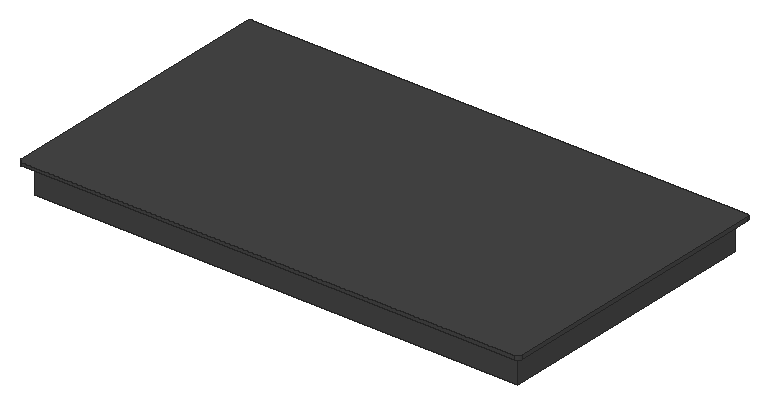
Revit family "Qf_Summit_SINC5B36B_36 inches 208-240V 5-Zone Induction Cooktop", category Specialty Equipment, Revit 2020
Family settings
  Round Connector Dimension = Use Diameter
  Part Type = Normal
  Work Plane-Based = No
  Always vertical = Yes
  Cut with Voids When Loaded = No
  Shared = No
  Room Calculation Point = No
Parameters
  Weight in Pounds = 40
  Watts = FL Amps * Volts  # 12000 W
  Volts = 240 V
  URL Cutsheet = ""
  Specification by User = ""
  Specification by Manufacturer = ""
  Show Clearance [instance] = yes
  Serial Number = ""
  Seismic Rating = ""
  SMACNA No = ""
  Revision Code = ""
  Phase = 1
  Number of Poles = 1
  NAFEM Spec ID Number = ""
  Model = "SINC5B36B"
  Min Ckt Ampacity = 0 A
  Max Overcurrent Protection = 0 A
  Masterspec = ""
  Manufacturer = "Summit"
  Length = 35 1/2"
  Item Number = ""
  Installed By = ""
  Identify Quantity as Lot = yes
  Height = 2"
  HP = ""
  Furnished By = ""
  Foodservice Equipment Identifier = yes
  FL Amps = 50 A
  Electrical Remarks = ""
  Electric Connection Type = ""
  Elec Conn RI Height = 0"
  Elec Conn Connection Height = 0"
  Description = "36\" Wide 208-240V 5-Zone Induction Cooktop"
  Depth = 20 1/2"
  Default Elevation = 0"
  Cycle = 60 Hz
  Conn Plug = ""
  Conn Conduit = yes
  CSI MasterFormat = ""
  Apparent Power = 828 VA
Reference planes (in)
  plane 1: z = 0
  plane 2 "LEFT": x = 0
  plane 3 "RIGHT": x = 35.5
  plane 4 "FRONT": y = -21.25
  plane 5 "TOP": z = 2
  plane 6 "Center Y": x = 17.75
  plane 7 "Center X": y = -11
  plane 8 "BACK": y = -0.75
  plane 9: z = 2.25
  plane 10: y = -1.3125
  plane 11: y = -20.5625
  plane 12: x = 34.875
  plane 13: x = 0.625
Forms (in)
  Extrusion 1, solid, material "QF_Metallic_Paint_Black_Glossy"
    sketch origin (0, 0, 0) x (1, 0, 0) y (0, 1, 0)
      loop
        line (0, -1) -> (0, -20.9375)
        arc (0, -20.9375) -> (0.06782, -21.13949) -> (0.25, -21.25) r 0.31002
        line (0.25, -21.25) -> (35.25, -21.25)
        arc (35.25, -21.25) -> (35.43218, -21.13949) -> (35.5, -20.9375) r 0.31002
        line (35.5, -20.9375) -> (35.5, -1)
        arc (35.5, -1) -> (35.42678, -0.82322) -> (35.25, -0.75) r 0.25
        line (35.25, -0.75) -> (0.25, -0.75)
        arc (0.25, -0.75) -> (0.07322, -0.82322) -> (0, -1) r 0.25
    from 2 to 2.25
  Extrusion 2, solid, material "QF_Metallic_Paint_Black_Glossy"
    sketch origin (0, 0, 0) x (1, 0, 0) y (0, 1, 0)
      loop
        line (0.625, -20.5625) -> (34.875, -20.5625) -> (34.875, -1.3125) -> (0.625, -1.3125) -> (0.625, -20.5625)
    from 0 to 2
  Extrusion 3, solid, material "QF_Metallic_Paint_Black_Glossy"
    sketch origin (7.875, -19.5, 18.75) x (1, 0, 0) y (0, 0, 1)
      loop
        circle (16, -17.80912) r 0.25
    from -18.75 to -18.1875
Cuts and joins
  joined: Extrusion 2, Extrusion 3
Lines and regions (in)
  Split face 1
    outline origin (0, 0, 2.25) x (1, 0, 0) y (0, 1, 0)
      loop
        circle (6, -13.75) r 4.125
  Split face 2
    outline origin (11.24609, 7.46819, 2.25) x (1, 0, 0) y (0, 1, 0)
      loop
        circle (18.25, -13.75) r 4.125
  Split face 3
    outline origin (11.24609, -1.375, 2.25) x (1, 0, 0) y (0, 1, 0)
      loop
        circle (18.25, -13.375) r 3.125
  Split face 4
    outline origin (0, 8.125, 2.25) x (1, 0, 0) y (0, 1, 0)
      loop
        circle (6, -13.375) r 3.125
  Split face 5
    outline origin (0, 0, 2.25) x (1, 0, 0) y (0, 1, 0)
      loop
        circle (6, -5.25) r 3.07495
  Split face 6
    outline origin (11.24609, -9.5, 2.25) x (1, 0, 0) y (0, 1, 0)
      loop
        circle (18.25, -5.25) r 2.88432
  Split face 7
    outline origin (-0.25391, 0, 2.25) x (1, 0, 0) y (0, 1, 0)
      loop
        circle (29.75, -6.25) r 4.06439
  Split face 8
    outline origin (-11.5, -7.46819, 2.25) x (1, 0, 0) y (0, 1, 0)
      loop
        circle (17.5, -6.25) r 3.8775
  Split face 9
    outline origin (11.24609, -9.5, 2.25) x (1, 0, 0) y (0, 1, 0)
      loop
        circle (18.25, -5.25) r 3.07495
  Split face 10
    outline origin (0, 0, 2.25) x (1, 0, 0) y (0, 1, 0)
      loop
        circle (6, -5.25) r 2.9375
  Split face 11
    outline origin (11.24609, -9.5, 2.25) x (1, 0, 0) y (0, 1, 0)
      loop
        circle (18.25, -5.25) r 2.9375
  Split face 12
    outline origin (0, 0, 2.25) x (1, 0, 0) y (0, 1, 0)
      loop
        circle (6, -5.25) r 2.88432
  Split face 13
    outline origin (-11.5, -7.5, 2.25) x (1, 0, 0) y (0, 1, 0)
      loop
        circle (17.5, -6.25) r 4.07036
  Split face 14
    outline origin (-0.25391, 0, 2.25) x (1, 0, 0) y (0, 1, 0)
      loop
        circle (29.75, -6.25) r 3.80074
  Split face 15
    outline origin (-11.5, -7.5, 2.25) x (1, 0, 0) y (0, 1, 0)
      loop
        circle (17.5, -6.25) r 3.81335
  Split face 16
    outline origin (-0.25391, 0.03181, 2.25) x (1, 0, 0) y (0, 1, 0)
      loop
        circle (29.75, -6.25) r 3.8775
  Split face 17
    outline origin (7.74785, 0.99908, 2.25) x (1, 0, 0) y (0, 1, 0)
      loop
        circle (7.5, -19.75) r 0.375
  Split face 18
    outline origin (-0.76268, 1.03137, 2.25) x (1, 0, 0) y (0, 1, 0)
      loop
        circle (19.75, -19.75) r 0.375
  Split face 19
    outline origin (1.25, 0, 2.25) x (1, 0, 0) y (0, 1, 0)
      loop
        circle (19.75, -19.75) r 0.375
  Split face 20
    outline origin (2.25, 0, 2.25) x (1, 0, 0) y (0, 1, 0)
      loop
        circle (19.75, -19.75) r 0.375
  Split face 21
    outline origin (3.15298, 0, 2.25) x (1, 0, 0) y (0, 1, 0)
      loop
        circle (18.84702, -19.75) r 0.21256
  Split face 22
    outline origin (2.15298, 0, 2.25) x (1, 0, 0) y (0, 1, 0)
      loop
        circle (18.84702, -19.75) r 0.34194
  Split face 23
    outline origin (20.55934, 1.24508, 2.25) x (0, 1, 0) y (-1, 0, 0)
      loop
        circle (-19.85939, 5.45621) r 0.14044
  Split face 24
    outline origin (9.53892, 0.72109, 2.25) x (0, 1, 0) y (-1, 0, 0)
      loop
        line (-20.35718, -6.71108) -> (-20.47109, -6.71108) -> (-20.47109, -9.71108) -> (-20.11953, -9.71108) -> (-20.35718, -6.71108)
  Split face 25
    outline origin (19.91992, 1.24508, 2.25) x (0, 1, 0) y (-1, 0, 0)
      loop
        circle (-19.85987, 4.81773) r 0.13153
  Split face 26
    outline origin (20.17523, 1.52415, 2.25) x (0, 1, 0) y (-1, 0, 0)
      loop
        circle (-20.27405, 4.92738) r 0.36076
  Split face 27
    outline origin (1.42583, 1.27737, 2.25) x (1, 0, 0) y (0, 1, 0)
      loop
        circle (17.70621, -19.85939) r 0.14044
  Split face 28
    outline origin (2.06526, 1.27737, 2.25) x (1, 0, 0) y (0, 1, 0)
      loop
        circle (17.06773, -19.85987) r 0.13153
  Split face 29
    outline origin (1.80994, 1.55644, 2.25) x (1, 0, 0) y (0, 1, 0)
      loop
        circle (17.17738, -20.27405) r 0.36076
  Split face 30
    outline origin (2.10819, 0.8548, 2.25) x (1, 0, 0) y (0, 1, 0)
      loop
        circle (18.89074, -20.60504) r 0.33037
  Split face 31
    outline origin (1.38715, 1.25448, 2.25) x (1, 0, 0) y (0, 1, 0)
      loop
        circle (19.61178, -21.00472) r 0.36442
  Split face 32
    outline origin (3.10819, 0.8548, 2.25) x (1, 0, 0) y (0, 1, 0)
      loop
        circle (18.89074, -20.60504) r 0.23196
  Split face 33
    outline origin (2.38715, 1.25448, 2.25) x (1, 0, 0) y (0, 1, 0)
      loop
        circle (19.61178, -21.00472) r 0.36024
  Split face 34
    outline origin (7, 0, 2.25) x (1, 0, 0) y (0, 1, 0)
      loop
        circle (7.5, -19.75) r 0.375
  Split face 35
    outline origin (7.90298, 0, 2.25) x (1, 0, 0) y (0, 1, 0)
      loop
        circle (6.59702, -19.75) r 0.34194
  Split face 36
    outline origin (7.85819, 0.8548, 2.25) x (1, 0, 0) y (0, 1, 0)
      loop
        circle (6.64074, -20.60504) r 0.33037
  Split face 37
    outline origin (7.13715, 1.25448, 2.25) x (1, 0, 0) y (0, 1, 0)
      loop
        circle (7.36178, -21.00472) r 0.36442
  Split face 38
    outline origin (6, 0, 2.25) x (1, 0, 0) y (0, 1, 0)
      loop
        circle (7.5, -19.75) r 0.375
  Split face 39
    outline origin (6.90298, 0, 2.25) x (1, 0, 0) y (0, 1, 0)
      loop
        circle (6.59702, -19.75) r 0.34194
  Split face 40
    outline origin (6.85819, 0.8548, 2.25) x (1, 0, 0) y (0, 1, 0)
      loop
        circle (6.64074, -20.60504) r 0.33037
  Split face 41
    outline origin (6.13715, 1.25448, 2.25) x (1, 0, 0) y (0, 1, 0)
      loop
        circle (7.36178, -21.00472) r 0.36442
  Split face 42
    outline origin (0.48732, 1.00012, 2.25) x (1, 0, 0) y (0, 1, 0)
      loop
        circle (19.75, -19.75) r 0.375
  Split face 43
    outline origin (2.66163, 0.95258, 2.25) x (1, 0, 0) y (0, 1, 0)
      loop
        circle (17.70621, -19.85939) r 0.14044
  Split face 44
    outline origin (3.30105, 0.95258, 2.25) x (1, 0, 0) y (0, 1, 0)
      loop
        circle (17.06773, -19.85987) r 0.13153
  Split face 45
    outline origin (3.05994, 1.52519, 2.25) x (1, 0, 0) y (0, 1, 0)
      loop
        circle (17.17738, -20.27405) r 0.36076
  Split face 46
    outline origin (2.0061, 1.00305, 2.25) x (1, 0, 0) y (0, 1, 0)
      loop
        circle (14.5, -19.75) r 0.375
  Split face 47
    outline origin (3.90045, 0.95962, 2.25) x (1, 0, 0) y (0, 1, 0)
      loop
        circle (12.45621, -19.85939) r 0.14044
  Split face 48
    outline origin (4.53987, 0.95962, 2.25) x (1, 0, 0) y (0, 1, 0)
      loop
        circle (11.81773, -19.85987) r 0.13153
  Split face 49
    outline origin (4.57872, 1.52812, 2.25) x (1, 0, 0) y (0, 1, 0)
      loop
        circle (11.92738, -20.27405) r 0.36076
  Split face 50
    outline origin (-0.50391, 3.46819, 2.25) x (1, 0, 0) y (0, 1, 0)
      loop
        circle (18.25, -13.75) r 5.5
  Split face 51
    outline origin (-12.00391, -4, 2.25) x (1, 0, 0) y (0, 1, 0)
      loop
        circle (29.75, -6.25) r 5.41675
  Split face 52
    outline origin (-12.00391, -4, 2.25) x (1, 0, 0) y (0, 1, 0)
      loop
        circle (29.75, -6.25) r 4.92111
  Split face 53
    outline origin (-12.00391, -3.96819, 2.25) x (1, 0, 0) y (0, 1, 0)
      loop
        circle (29.75, -6.28125) r 5
  Split face 54
    outline origin (-2, 1, 2.25) x (1, 0, 0) y (0, 1, 0)
      loop
        circle (19.75, -19.75) r 0.375
  Split face 55
    outline origin (0.57262, 1.52507, 2.25) x (1, 0, 0) y (0, 1, 0)
      loop
        circle (17.17738, -20.27405) r 0.12497
  Split face 56
    outline origin (0.57262, 1.52507, 2.25) x (1, 0, 0) y (0, 1, 0)
      loop
        circle (17.17738, -20.27405) r 0.35582
  symbolic lines
    curve 1: line (0, -1, 0) -> (0, -20.9375, 0)
    curve 2: arc (0, -20.9375, 0) -> (0.06782, -21.13949, 0) -> (0.25, -21.25, 0) r 0.31002
    curve 3: line (0.25, -21.25, 0) -> (35.25, -21.25, 0)
    curve 4: arc (35.25, -21.25, 0) -> (35.43218, -21.13949, 0) -> (35.5, -20.9375, 0) r 0.31002
    curve 5: line (35.5, -20.9375, 0) -> (35.5, -1, 0)
    curve 6: arc (35.5, -1, 0) -> (35.42678, -0.82322, 0) -> (35.25, -0.75, 0) r 0.25
    curve 7: line (35.25, -0.75, 0) -> (0.25, -0.75, 0)
    curve 8: arc (0.25, -0.75, 0) -> (0.07322, -0.82322, 0) -> (0, -1, 0) r 0.25
    curve 9: arc (9.125, -5.25, 0) -> (6, -2.125, 0) -> (2.875, -5.25, 0) r 3.125
    curve 10: arc (2.875, -5.25, 0) -> (6, -8.375, 0) -> (9.125, -5.25, 0) r 3.125
    curve 11: arc (9.07495, -5.25, 0) -> (6, -2.17505, 0) -> (2.92505, -5.25, 0) r 3.07495
    curve 12: arc (2.92505, -5.25, 0) -> (6, -8.32495, 0) -> (9.07495, -5.25, 0) r 3.07495
    curve 13: arc (8.9375, -5.25, 0) -> (6, -2.3125, 0) -> (3.0625, -5.25, 0) r 2.9375
    curve 14: arc (3.0625, -5.25, 0) -> (6, -8.1875, 0) -> (8.9375, -5.25, 0) r 2.9375
    curve 15: arc (8.88432, -5.25, 0) -> (6, -2.36568, 0) -> (3.11568, -5.25, 0) r 2.88432
    curve 16: arc (3.11568, -5.25, 0) -> (6, -8.13432, 0) -> (8.88432, -5.25, 0) r 2.88432
    curve 17: arc (1.875, -13.75, 0) -> (6, -9.625, 0) -> (10.125, -13.75, 0) r 4.125
    curve 18: arc (10.125, -13.75, 0) -> (6, -17.875, 0) -> (1.875, -13.75, 0) r 4.125
    curve 19: arc (10.07036, -13.75, 0) -> (6, -9.67964, 0) -> (1.92964, -13.75, 0) r 4.07036
    curve 20: arc (1.92964, -13.75, 0) -> (6, -17.82036, 0) -> (10.07036, -13.75, 0) r 4.07036
    curve 21: arc (9.8775, -13.71819, 0) -> (6, -9.84069, 0) -> (2.1225, -13.71819, 0) r 3.8775
    curve 22: arc (2.1225, -13.71819, 0) -> (6, -17.59569, 0) -> (9.8775, -13.71819, 0) r 3.8775
    curve 23: arc (9.81335, -13.75, 0) -> (6, -9.93665, 0) -> (2.18665, -13.75, 0) r 3.81335
    curve 24: arc (2.18665, -13.75, 0) -> (6, -17.56335, 0) -> (9.81335, -13.75, 0) r 3.81335
    curve 25: arc (23.24609, -10.28181, 0) -> (17.74609, -4.78181, 0) -> (12.24609, -10.28181, 0) r 5.5
    curve 26: arc (12.24609, -10.28181, 0) -> (17.74609, -15.78181, 0) -> (23.24609, -10.28181, 0) r 5.5
    curve 27: arc (23.16285, -10.25, 0) -> (17.74609, -4.83325, 0) -> (12.32934, -10.25, 0) r 5.41675
    curve 28: arc (12.32934, -10.25, 0) -> (17.74609, -15.66675, 0) -> (23.16285, -10.25, 0) r 5.41675
    curve 29: arc (22.74609, -10.24944, 0) -> (17.74609, -5.24944, 0) -> (12.74609, -10.24944, 0) r 5
    curve 30: arc (12.74609, -10.24944, 0) -> (17.74609, -15.24944, 0) -> (22.74609, -10.24944, 0) r 5
    curve 31: arc (22.6672, -10.25, 0) -> (17.74609, -5.32889, 0) -> (12.82498, -10.25, 0) r 4.92111
    curve 32: arc (12.82498, -10.25, 0) -> (17.74609, -15.17111, 0) -> (22.6672, -10.25, 0) r 4.92111
    curve 33: arc (33.62109, -6.28181, 0) -> (29.49609, -2.15681, 0) -> (25.3711, -6.28181, 0) r 4.125
    curve 34: arc (25.3711, -6.28181, 0) -> (29.49609, -10.40681, 0) -> (33.62109, -6.28181, 0) r 4.125
    curve 35: arc (33.56048, -6.25, 0) -> (29.49609, -2.18561, 0) -> (25.43171, -6.25, 0) r 4.06439
    curve 36: arc (25.43171, -6.25, 0) -> (29.49609, -10.31439, 0) -> (33.56048, -6.25, 0) r 4.06439
    curve 37: arc (33.37359, -6.21819, 0) -> (29.49609, -2.34069, 0) -> (25.6186, -6.21819, 0) r 3.8775
    curve 38: arc (25.6186, -6.21819, 0) -> (29.49609, -10.09569, 0) -> (33.37359, -6.21819, 0) r 3.8775
    curve 39: arc (33.29683, -6.25, 0) -> (29.49609, -2.44926, 0) -> (25.69536, -6.25, 0) r 3.80074
    curve 40: arc (25.69536, -6.25, 0) -> (29.49609, -10.05074, 0) -> (33.29683, -6.25, 0) r 3.80074
    curve 41: arc (26.3711, -14.75, 0) -> (29.49609, -11.625, 0) -> (32.62109, -14.75, 0) r 3.125
    curve 42: arc (32.62109, -14.75, 0) -> (29.49609, -17.875, 0) -> (26.3711, -14.75, 0) r 3.125
    curve 43: arc (32.57104, -14.75, 0) -> (29.49609, -11.67505, 0) -> (26.42115, -14.75, 0) r 3.07495
    curve 44: arc (26.42115, -14.75, 0) -> (29.49609, -17.82495, 0) -> (32.57104, -14.75, 0) r 3.07495
    curve 45: arc (32.43359, -14.75, 0) -> (29.49609, -11.8125, 0) -> (26.5586, -14.75, 0) r 2.9375
    curve 46: arc (26.5586, -14.75, 0) -> (29.49609, -17.6875, 0) -> (32.43359, -14.75, 0) r 2.9375
    curve 47: arc (32.38042, -14.75, 0) -> (29.49609, -11.86568, 0) -> (26.61177, -14.75, 0) r 2.88432
    curve 48: arc (26.61177, -14.75, 0) -> (29.49609, -17.63432, 0) -> (32.38042, -14.75, 0) r 2.88432
    curve 49: arc (13.875, -19.75, 0) -> (13.5, -20.125, 0) -> (13.125, -19.75, 0) r 0.375
    curve 50: arc (13.125, -19.75, 0) -> (13.5, -19.375, 0) -> (13.875, -19.75, 0) r 0.375
    curve 51: arc (13.86334, -19.75024, 0) -> (13.49893, -19.38582, 0) -> (13.13451, -19.75024, 0) r 0.36442
    curve 52: arc (13.13451, -19.75024, 0) -> (13.49893, -20.11466, 0) -> (13.86334, -19.75024, 0) r 0.36442
    curve 53: arc (13.84194, -19.75, 0) -> (13.5, -19.40806, 0) -> (13.15806, -19.75, 0) r 0.34194
    curve 54: arc (13.15806, -19.75, 0) -> (13.5, -20.09194, 0) -> (13.84194, -19.75, 0) r 0.34194
    curve 55: arc (13.8293, -19.75024, 0) -> (13.49893, -19.41987, 0) -> (13.16856, -19.75024, 0) r 0.33037
    curve 56: arc (13.16856, -19.75024, 0) -> (13.49893, -20.08061, 0) -> (13.8293, -19.75024, 0) r 0.33037
    curve 57: arc (14.125, -19.75, 0) -> (14.5, -19.375, 0) -> (14.875, -19.75, 0) r 0.375
    curve 58: arc (14.875, -19.75, 0) -> (14.5, -20.125, 0) -> (14.125, -19.75, 0) r 0.375
    curve 59: arc (14.86334, -19.75024, 0) -> (14.49893, -19.38582, 0) -> (14.13451, -19.75024, 0) r 0.36442
    curve 60: arc (14.13451, -19.75024, 0) -> (14.49893, -20.11466, 0) -> (14.86334, -19.75024, 0) r 0.36442
    curve 61: arc (14.84194, -19.75, 0) -> (14.5, -19.40806, 0) -> (14.15806, -19.75, 0) r 0.34194
    curve 62: arc (14.15806, -19.75, 0) -> (14.5, -20.09194, 0) -> (14.84194, -19.75, 0) r 0.34194
    curve 63: arc (14.8293, -19.75024, 0) -> (14.49893, -19.41987, 0) -> (14.16856, -19.75024, 0) r 0.33037
    curve 64: arc (14.16856, -19.75024, 0) -> (14.49893, -20.08061, 0) -> (14.8293, -19.75024, 0) r 0.33037
    curve 65: arc (15.24785, -18.38914, 0) -> (14.88709, -18.7499, 0) -> (15.24785, -19.11066, 0) r 0.36076
    curve 66: arc (15.24785, -19.11066, 0) -> (15.60861, -18.7499, 0) -> (15.24785, -18.38914, 0) r 0.36076
    curve 67: arc (15.62285, -18.75092, 0) -> (15.24785, -18.37592, 0) -> (14.87285, -18.75092, 0) r 0.375
    curve 68: arc (14.87285, -18.75092, 0) -> (15.24785, -19.12592, 0) -> (15.62285, -18.75092, 0) r 0.375
    curve 69: arc (15.10313, -18.75476, 0) -> (14.96268, -18.61432, 0) -> (15.10313, -18.47387, 0) r 0.14044
    curve 70: arc (15.10313, -18.47387, 0) -> (15.24357, -18.61432, 0) -> (15.10313, -18.75476, 0) r 0.14044
    curve 71: arc (15.10219, -18.48326, 0) -> (14.97065, -18.61479, 0) -> (15.10219, -18.74633, 0) r 0.13153
    curve 72: arc (15.10219, -18.74633, 0) -> (15.23372, -18.61479, 0) -> (15.10219, -18.48326, 0) r 0.13153
    curve 73: arc (16.14534, -18.74593, 0) -> (16.5061, -19.10669, 0) -> (16.86685, -18.74593, 0) r 0.36076
    curve 74: arc (16.86685, -18.74593, 0) -> (16.5061, -18.38517, 0) -> (16.14534, -18.74593, 0) r 0.36076
    curve 75: arc (16.8811, -18.74695, 0) -> (16.5061, -19.12195, 0) -> (16.1311, -18.74695, 0) r 0.375
    curve 76: arc (16.1311, -18.74695, 0) -> (16.5061, -18.37195, 0) -> (16.8811, -18.74695, 0) r 0.375
    curve 77: arc (16.21622, -18.89977, 0) -> (16.35666, -18.75932, 0) -> (16.49711, -18.89977, 0) r 0.14044
    curve 78: arc (16.49711, -18.89977, 0) -> (16.35666, -19.04021, 0) -> (16.21622, -18.89977, 0) r 0.14044
    curve 79: arc (16.48914, -18.90024, 0) -> (16.3576, -18.76871, 0) -> (16.22607, -18.90024, 0) r 0.13153
    curve 80: arc (16.22607, -18.90024, 0) -> (16.3576, -19.03178, 0) -> (16.48914, -18.90024, 0) r 0.13153
    curve 81: arc (18.10582, -18.74898, 0) -> (17.75, -18.39316, 0) -> (17.39418, -18.74898, 0) r 0.35582
    curve 82: arc (17.39418, -18.74898, 0) -> (17.75, -19.1048, 0) -> (18.10582, -18.74898, 0) r 0.35582
    curve 83: arc (18.125, -18.75, 0) -> (17.75, -18.375, 0) -> (17.375, -18.75, 0) r 0.375
    curve 84: arc (17.375, -18.75, 0) -> (17.75, -19.125, 0) -> (18.125, -18.75, 0) r 0.375
    curve 85: arc (17.62503, -18.74898, 0) -> (17.75, -18.62401, 0) -> (17.87497, -18.74898, 0) r 0.12497
    curve 86: arc (17.87497, -18.74898, 0) -> (17.75, -18.87395, 0) -> (17.62503, -18.74898, 0) r 0.12497
    curve 87: arc (19.34808, -18.71761, 0) -> (18.98732, -18.35685, 0) -> (18.62656, -18.71761, 0) r 0.36076
    curve 88: arc (18.62656, -18.71761, 0) -> (18.98732, -19.07837, 0) -> (19.34808, -18.71761, 0) r 0.36076
    curve 89: arc (18.61232, -18.71863, 0) -> (18.98732, -18.34363, 0) -> (19.36232, -18.71863, 0) r 0.375
    curve 90: arc (19.36232, -18.71863, 0) -> (18.98732, -19.09363, 0) -> (18.61232, -18.71863, 0) r 0.375
    curve 91: arc (19.27249, -18.58203, 0) -> (19.13205, -18.72247, 0) -> (18.9916, -18.58203, 0) r 0.14044
    curve 92: arc (18.9916, -18.58203, 0) -> (19.13205, -18.44158, 0) -> (19.27249, -18.58203, 0) r 0.14044
    curve 93: arc (19.00145, -18.5825, 0) -> (19.13299, -18.71404, 0) -> (19.26452, -18.5825, 0) r 0.13153
    curve 94: arc (19.26452, -18.5825, 0) -> (19.13299, -18.45097, 0) -> (19.00145, -18.5825, 0) r 0.13153
    curve 95: arc (19.87656, -18.74886, 0) -> (20.23732, -19.10962, 0) -> (20.59808, -18.74886, 0) r 0.36076
    curve 96: arc (20.59808, -18.74886, 0) -> (20.23732, -18.3881, 0) -> (19.87656, -18.74886, 0) r 0.36076
    curve 97: arc (20.61232, -18.74988, 0) -> (20.23732, -19.12488, 0) -> (19.86232, -18.74988, 0) r 0.375
    curve 98: arc (19.86232, -18.74988, 0) -> (20.23732, -18.37488, 0) -> (20.61232, -18.74988, 0) r 0.375
    curve 99: arc (20.50829, -18.90682, 0) -> (20.36784, -18.76637, 0) -> (20.2274, -18.90682, 0) r 0.14044
    curve 100: arc (20.2274, -18.90682, 0) -> (20.36784, -19.04726, 0) -> (20.50829, -18.90682, 0) r 0.14044
    curve 101: arc (20.50032, -18.90729, 0) -> (20.36878, -18.77576, 0) -> (20.23725, -18.90729, 0) r 0.13153
    curve 102: arc (20.23725, -18.90729, 0) -> (20.36878, -19.03882, 0) -> (20.50032, -18.90729, 0) r 0.13153
    curve 103: arc (21.3293, -19.75024, 0) -> (20.99893, -19.41987, 0) -> (20.66856, -19.75024, 0) r 0.33037
    curve 104: arc (20.66856, -19.75024, 0) -> (20.99893, -20.08061, 0) -> (21.3293, -19.75024, 0) r 0.33037
    curve 105: arc (20.65806, -19.75, 0) -> (21, -19.40806, 0) -> (21.34194, -19.75, 0) r 0.34194
    curve 106: arc (21.34194, -19.75, 0) -> (21, -20.09194, 0) -> (20.65806, -19.75, 0) r 0.34194
    curve 107: arc (21.36334, -19.75024, 0) -> (20.99893, -19.38582, 0) -> (20.63451, -19.75024, 0) r 0.36442
    curve 108: arc (20.63451, -19.75024, 0) -> (20.99893, -20.11466, 0) -> (21.36334, -19.75024, 0) r 0.36442
    curve 109: arc (21.375, -19.75, 0) -> (21, -19.375, 0) -> (20.625, -19.75, 0) r 0.375
    curve 110: arc (20.625, -19.75, 0) -> (21, -20.125, 0) -> (21.375, -19.75, 0) r 0.375
    curve 111: arc (21.63869, -19.75024, 0) -> (21.99893, -19.39, 0) -> (22.35917, -19.75024, 0) r 0.36024
    curve 112: arc (22.35917, -19.75024, 0) -> (21.99893, -20.11048, 0) -> (21.63869, -19.75024, 0) r 0.36024
    curve 113: arc (22.375, -19.75, 0) -> (22, -19.375, 0) -> (21.625, -19.75, 0) r 0.375
    curve 114: arc (21.625, -19.75, 0) -> (22, -20.125, 0) -> (22.375, -19.75, 0) r 0.375
    curve 115: arc (22.23089, -19.75024, 0) -> (21.99893, -19.51828, 0) -> (21.76697, -19.75024, 0) r 0.23196
    curve 116: arc (21.76697, -19.75024, 0) -> (21.99893, -19.9822, 0) -> (22.23089, -19.75024, 0) r 0.23196
    curve 117: arc (21.78744, -19.75, 0) -> (22, -19.53744, 0) -> (22.21256, -19.75, 0) r 0.21256
    curve 118: arc (22.21256, -19.75, 0) -> (22, -19.96256, 0) -> (21.78744, -19.75, 0) r 0.21256
    curve 119: line (16.25, -19.75, 0) -> (19.25, -19.75, 0)
    curve 120: line (19.25, -19.75, 0) -> (19.25, -19.39845, 0)
    curve 121: line (19.25, -19.39845, 0) -> (16.25, -19.63609, 0)
    curve 122: line (16.25, -19.63609, 0) -> (16.25, -19.75, 0)
Dimensions and locks (in)
  equal spacing: plane 2 "LEFT", plane 6 "Center Y", plane 3 "RIGHT"
  "Length": plane 2 "LEFT" to plane 3 "RIGHT"
  equal spacing: plane 4 "FRONT", plane 7 "Center X", plane 8 "BACK"
  "Height": plane 5 "TOP" to level
  plane 5 "TOP" to level = 2"
  "Depth": plane 4 "FRONT" to plane 8 "BACK"
  plane 9 to plane 5 "TOP" = 1/4"
  plane 3 "RIGHT" to plane 2 "LEFT" = 35 1/2"
  plane 10 to plane 11 = 19 1/4"
  locked: plane 11 to plane 4 "FRONT" at 0.6875
  plane 12 to plane 13 = 34 1/4"
  aligned and locked: level to plane 1
  aligned and locked: plane 5 "TOP" to Extrusion 2
  aligned and locked: Extrusion 1 to plane 5 "TOP"
  aligned and locked: Extrusion 1 to plane 9
  aligned and locked: Extrusion 3 to plane 8 "BACK"
  aligned and locked: plane 10 to Extrusion 3
Automatic sketch dimensions
  Extrusion 1 sketch curve to plane 2 "LEFT" = 0"
  plane 4 "FRONT" to Extrusion 1 sketch curve = 0"
  plane 8 "BACK" to Extrusion 1 sketch curve = 0"
  Extrusion 1 sketch curve to plane 3 "RIGHT" = 0"
  plane 2 "LEFT" to Extrusion 1 sketch curve = 1/4"  (x2)
  Extrusion 1 sketch curve to plane 4 "FRONT" = 0.30417"  (x2)
  plane 2 "LEFT" to Extrusion 1 sketch curve = 0.3099"
  plane 3 "RIGHT" to Extrusion 1 sketch curve = 0.3099"
  plane 3 "RIGHT" to Extrusion 1 sketch curve = 1/4"  (x2)
  plane 10 to Extrusion 2 sketch curve = 0"
  Extrusion 2 sketch curve to plane 11 = 0"
  plane 13 to Extrusion 2 sketch curve = 0"
  plane 12 to Extrusion 2 sketch curve = 0"
  Split face 1 sketch curve to Extrusion 1 = 6"
  Split face 1 sketch curve to Extrusion 1 = 7 1/2"
  Split face 2 sketch curve to Extrusion 1 = 6 1/256"
  Split face 2 sketch curve to Extrusion 1 = 5.53181"
  Split face 3 sketch curve to Extrusion 1 = 6 1/256"
  Split face 3 sketch curve to Extrusion 1 = 6 1/2"
  Split face 4 sketch curve to Extrusion 1 = 6"
  Split face 4 sketch curve to Extrusion 1 = 4 1/2"
  Split face 5 sketch curve to Extrusion 1 = 6"
  Split face 5 sketch curve to Extrusion 1 = 4 1/2"
  Split face 6 sketch curve to Extrusion 1 = 6 1/256"
  Split face 6 sketch curve to Extrusion 1 = 6 1/2"
  Split face 8 sketch curve to Extrusion 1 = 6"
  Split face 8 sketch curve to Extrusion 1 = 7.53181"
  Split face 9 sketch curve to Extrusion 1 = 6 1/256"
  Split face 9 sketch curve to Extrusion 1 = 6 1/2"
  Split face 10 sketch curve to Extrusion 1 = 6"
  Split face 10 sketch curve to Extrusion 1 = 4 1/2"
  Split face 11 sketch curve to Extrusion 1 = 6 1/256"
  Split face 11 sketch curve to Extrusion 1 = 6 1/2"
  Split face 12 sketch curve to Extrusion 1 = 6"
  Split face 12 sketch curve to Extrusion 1 = 4 1/2"
  Split face 13 sketch curve to Extrusion 1 = 6"
  Split face 13 sketch curve to Extrusion 1 = 7 1/2"
  Split face 15 sketch curve to Extrusion 1 = 6"
  Split face 15 sketch curve to Extrusion 1 = 7 1/2"
  Split face 16 sketch curve to Extrusion 1 = 6 1/256"
  Split face 16 sketch curve to Extrusion 1 = 5.46819"
  Split face 17 sketch curve to Extrusion 1 = 2.49908"
  Split face 17 sketch curve to Extrusion 1 = 15.24785"
  Split face 18 sketch curve to Extrusion 1 = 2.53137"
  Split face 18 sketch curve to Extrusion 1 = 16.51268"
  Split face 19 sketch curve to Extrusion 1 = 1 1/2"
  Split face 19 sketch curve to Extrusion 1 = 14 1/2"
  Split face 20 sketch curve to Extrusion 1 = 1 1/2"
  Split face 20 sketch curve to Extrusion 1 = 13 1/2"
  Split face 21 sketch curve to Extrusion 1 = 1 1/2"
  Split face 21 sketch curve to Extrusion 1 = 13 1/2"
  Split face 22 sketch curve to Extrusion 1 = 1 1/2"
  Split face 22 sketch curve to Extrusion 1 = 14 1/2"
  Split face 23 sketch curve to Extrusion 1 = 2.63568"
  Split face 23 sketch curve to Extrusion 1 = 15.10313"
  Split face 24 sketch curve to Extrusion 1 = 1 1/2"
  Split face 24 sketch curve to Split face 24 sketch curve = 0.11391"
  Split face 24 sketch curve to Split face 24 sketch curve = 45/128"
  Split face 24 sketch curve to Extrusion 1 = 16 1/4"
  Split face 24 sketch curve to Split face 24 sketch curve = 3"
  Split face 25 sketch curve to Extrusion 1 = 2.63521"
  Split face 25 sketch curve to Extrusion 1 = 15.10219"
  Split face 26 sketch curve to Extrusion 1 = 2.5001"
  Split face 26 sketch curve to Extrusion 1 = 15.24785"
  Split face 27 sketch curve to Extrusion 1 = 2 171/256"
  Split face 27 sketch curve to Extrusion 1 = 16.36795"
  Split face 28 sketch curve to Extrusion 1 = 2.6675"
  Split face 28 sketch curve to Extrusion 1 = 16.36701"
  Split face 29 sketch curve to Extrusion 1 = 2.53239"
  Split face 29 sketch curve to Extrusion 1 = 16.51268"
  Split face 30 sketch curve to Extrusion 1 = 1.49976"
  Split face 30 sketch curve to Extrusion 1 = 14.50107"
  Split face 31 sketch curve to Extrusion 1 = 1.49976"
  Split face 31 sketch curve to Extrusion 1 = 14.50107"
  Split face 32 sketch curve to Extrusion 1 = 1.49976"
  Split face 32 sketch curve to Extrusion 1 = 13.50107"
  Split face 33 sketch curve to Extrusion 1 = 1.49976"
  Split face 33 sketch curve to Extrusion 1 = 13.50107"
  Split face 34 sketch curve to Extrusion 1 = 1 1/2"
  Split face 34 sketch curve to Extrusion 1 = 14 1/2"
  Split face 35 sketch curve to Extrusion 1 = 1 1/2"
  Split face 35 sketch curve to Extrusion 1 = 14 1/2"
  Split face 36 sketch curve to Extrusion 1 = 1.49976"
  Split face 36 sketch curve to Extrusion 1 = 14.49893"
  Split face 37 sketch curve to Extrusion 1 = 1.49976"
  Split face 37 sketch curve to Extrusion 1 = 14.49893"
  Split face 38 sketch curve to Extrusion 1 = 1 1/2"
  Split face 38 sketch curve to Extrusion 1 = 13 1/2"
  Split face 39 sketch curve to Extrusion 1 = 1 1/2"
  Split face 39 sketch curve to Extrusion 1 = 13 1/2"
  Split face 40 sketch curve to Extrusion 1 = 1.49976"
  Split face 40 sketch curve to Extrusion 1 = 13.49893"
  Split face 41 sketch curve to Extrusion 1 = 1.49976"
  Split face 41 sketch curve to Extrusion 1 = 13.49893"
  plane 6 "Center Y" to Extrusion 3 sketch curve = 6 1/8"
  level to Extrusion 3 sketch curve = 0.94088"
  Split face 42 sketch curve to Extrusion 1 = 2.50012"
  Split face 42 sketch curve to Extrusion 1 = 15.26268"
  Split face 43 sketch curve to Extrusion 1 = 2.34318"
  Split face 43 sketch curve to Extrusion 1 = 15.13216"
  Split face 44 sketch curve to Extrusion 1 = 2.34271"
  Split face 44 sketch curve to Extrusion 1 = 15.13122"
  Split face 45 sketch curve to Extrusion 1 = 2.50114"
  Split face 45 sketch curve to Extrusion 1 = 15.26268"
  Split face 46 sketch curve to Extrusion 1 = 2.50305"
  Split face 46 sketch curve to Extrusion 1 = 16.5061"
  Split face 47 sketch curve to Extrusion 1 = 2.35023"
  Split face 47 sketch curve to Extrusion 1 = 16.35666"
  Split face 48 sketch curve to Extrusion 1 = 2.34976"
  Split face 48 sketch curve to Extrusion 1 = 16.3576"
  Split face 49 sketch curve to Extrusion 1 = 2.50407"
  Split face 49 sketch curve to Extrusion 1 = 16.5061"
  Split face 50 sketch curve to Extrusion 1 = 17 191/256"
  Split face 50 sketch curve to Extrusion 1 = 9.53181"
  Split face 53 sketch curve to Extrusion 1 = 17 191/256"
  Split face 53 sketch curve to Extrusion 1 = 9.49944"
  Split face 54 sketch curve to Extrusion 1 = 2 1/2"
  Split face 54 sketch curve to Extrusion 1 = 17 3/4"
  Split face 55 sketch curve to Extrusion 1 = 2.50102"
  Split face 55 sketch curve to Extrusion 1 = 17 3/4"
  Split face 56 sketch curve to Extrusion 1 = 2.50102"
  Split face 56 sketch curve to Extrusion 1 = 17 3/4"
  Split face 52 sketch curve to Extrusion 1 = 17 191/256"
  Split face 52 sketch curve to Extrusion 1 = 9 1/2"
  Split face 14 sketch curve to Extrusion 1 = 6 1/256"
  Split face 14 sketch curve to Extrusion 1 = 5 1/2"
  curve 1 to plane 2 "LEFT" = 0"
  plane 4 "FRONT" to curve 2 = 0"
  plane 8 "BACK" to curve 8 = 0"
  curve 5 to plane 3 "RIGHT" = 0"
  plane 2 "LEFT" to curve 3 = 1/4"
  curve 1 to curve 8 = 1/4"
  curve 2 to plane 4 "FRONT" = 0.30417"
  plane 2 "LEFT" to curve 2 = 0.3099"
  curve 4 to plane 4 "FRONT" = 0.30417"
  plane 3 "RIGHT" to curve 4 = 0.3099"
  plane 3 "RIGHT" to curve 6 = 1/4"
  plane 3 "RIGHT" to curve 3 = 1/4"
  plane 13 to curve 10 = 5 3/8"
  plane 10 to curve 10 = 3 15/16"
  plane 13 to curve 10 = 2 1/4"
  curve 9 to curve 11 = 0"  (x2)
  curve 9 to curve 11 = 0.05005"
  curve 9 to curve 13 = 0"  (x2)
  curve 11 to curve 14 = 0.13745"
  curve 9 to curve 15 = 0"  (x2)
  curve 13 to curve 16 = 0.05317"
  plane 13 to curve 17 = 5 3/8"
  curve 18 to plane 7 "Center X" = 2 3/4"
  plane 13 to curve 17 = 1 1/4"
  curve 17 to curve 19 = 0"  (x2)
  curve 17 to curve 19 = 0.05464"
  curve 22 to curve 19 = 0"
  curve 19 to curve 22 = 0.03181"
  curve 20 to curve 22 = 0.19286"
  curve 17 to curve 23 = 0"  (x2)
  curve 21 to curve 23 = 0.06415"
  Split face 51 sketch curve to Extrusion 1 = 17 191/256"
  Split face 51 sketch curve to Extrusion 1 = 9 1/2"
  curve 25 to plane 6 "Center Y" = 1/256"
  plane 7 "Center X" to curve 26 = 0.71819"
  curve 17 to curve 26 = 2 31/256"
  curve 28 to plane 6 "Center Y" = 1/256"
  curve 25 to curve 28 = 0.03181"
  curve 26 to curve 28 = 0.08325"
  curve 29 to curve 28 = 0"
  curve 28 to curve 29 = 0.00056"
  curve 27 to curve 30 = 0.41675"
  curve 27 to curve 31 = 0"  (x2)
  curve 29 to curve 32 = 0.07889"
  Split face 7 sketch curve to Extrusion 1 = 6 1/256"
  Split face 7 sketch curve to Extrusion 1 = 5 1/2"
  plane 12 to curve 33 = 5 97/256"
  plane 7 "Center X" to curve 33 = 4.71819"
  curve 33 to curve 33 = 4 1/8"
  curve 35 to curve 33 = 0"
  curve 33 to curve 36 = 0.03181"
  curve 34 to curve 36 = 0.06061"
  curve 38 to curve 36 = 0"
  curve 36 to curve 38 = 0.03181"
  curve 36 to curve 37 = 0.18689"
  curve 35 to curve 39 = 0"  (x2)
  curve 37 to curve 39 = 0.07676"
  plane 12 to curve 42 = 5 97/256"
  curve 42 to plane 7 "Center X" = 3 3/4"
  curve 42 to curve 41 = 3 1/8"
  curve 41 to curve 43 = 0"  (x2)
  curve 41 to curve 44 = 0.05005"
  curve 41 to curve 45 = 0"  (x2)
  curve 43 to curve 45 = 0.13745"
  curve 41 to curve 47 = 0"  (x2)
  curve 45 to curve 47 = 0.05317"
  plane 11 to curve 49 = 13/16"
  curve 49 to plane 6 "Center Y" = 4 1/4"
  curve 50 to curve 49 = 3/8"
  curve 51 to curve 49 = 0.00107"
  curve 52 to curve 49 = 0.00024"
  curve 50 to curve 51 = 0.00951"
  curve 49 to curve 53 = 0"  (x2)
  curve 51 to curve 54 = 0.02355"
  curve 51 to curve 55 = 0"  (x2)
  curve 53 to curve 56 = 0.0105"
  curve 49 to curve 58 = 5/8"
  curve 49 to curve 57 = 0"
  curve 49 to curve 57 = 1/4"
  curve 59 to curve 57 = 0.00107"
  curve 60 to curve 57 = 0.00024"
  curve 57 to curve 60 = 0.00951"
  curve 57 to curve 61 = 0"  (x2)
  curve 59 to curve 62 = 0.02355"
  curve 59 to curve 63 = 0"  (x2)
  curve 61 to curve 63 = 0.0105"
  curve 57 to curve 65 = 0.37285"
  curve 57 to curve 65 = 1.0001"
  curve 65 to curve 65 = 0.36076"
  curve 68 to curve 65 = 0"
  curve 68 to curve 65 = 0.00102"
  curve 67 to curve 67 = 3/8"
  curve 69 to curve 65 = 0.14472"
  curve 65 to curve 70 = 0.13558"
  curve 69 to curve 69 = 0.14044"
  curve 71 to curve 69 = 0.00094"
  curve 72 to curve 69 = 0.00047"
  curve 69 to curve 71 = 0.00844"
  curve 68 to curve 74 = 0.88324"
  curve 68 to curve 74 = 0.00499"
  curve 73 to curve 73 = 0.36076"
  curve 75 to curve 73 = 0"
  curve 76 to curve 73 = 0.00102"
  curve 75 to curve 73 = 0.01424"
  curve 77 to curve 75 = 0.14943"
  curve 77 to curve 75 = 0.15282"
  curve 77 to curve 77 = 0.14044"
  curve 77 to curve 79 = 0.00094"
  curve 79 to curve 77 = 0.00047"
  curve 77 to curve 79 = 0.00985"
  curve 82 to plane 6 "Center Y" = 0"
  curve 82 to curve 75 = 0.00202"
  curve 82 to plane 6 "Center Y" = 0.35582"
  curve 84 to plane 6 "Center Y" = 0"
  curve 84 to curve 81 = 0.00102"
  curve 83 to curve 82 = 0.01918"
  curve 81 to curve 85 = 0"  (x2)
  curve 86 to plane 6 "Center Y" = 0.12497"
  curve 83 to curve 88 = 0.86232"
  curve 83 to curve 88 = 0.03239"
  curve 88 to curve 87 = 0.36076"
  curve 89 to curve 87 = 0"
  curve 90 to curve 87 = 0.00102"
  curve 90 to curve 88 = 0.01424"
  curve 87 to curve 92 = 0.14472"
  curve 87 to curve 92 = 0.13558"
  curve 87 to curve 91 = 0.00428"
  curve 91 to curve 94 = 0.00094"
  curve 94 to curve 91 = 0.00047"
  curve 92 to curve 93 = 0.00985"
  curve 90 to curve 96 = 7/8"
  curve 96 to curve 90 = 0.03023"
  curve 95 to curve 95 = 0.36076"
  curve 97 to curve 95 = 0"
  curve 98 to curve 95 = 0.00102"
  curve 97 to curve 95 = 0.01424"
  curve 97 to curve 99 = 0.13052"
  curve 99 to curve 97 = 0.15693"
  curve 100 to curve 99 = 0.14044"
  curve 99 to curve 101 = 0.00094"
  curve 101 to curve 99 = 0.00047"
  curve 100 to curve 102 = 0.00985"
  curve 99 to curve 103 = 0.49064"
  plane 11 to curve 104 = 0.81226"
  curve 103 to curve 103 = 0.33037"
  curve 103 to curve 105 = 0.00107"
  curve 103 to curve 105 = 0.00024"
  curve 105 to curve 103 = 0.0105"
  curve 103 to curve 107 = 0"  (x2)
  curve 108 to curve 105 = 0.02355"
  curve 105 to curve 109 = 0"  (x2)
  curve 110 to curve 108 = 0.00951"
  curve 109 to curve 112 = 0.62393"
  curve 112 to curve 109 = 0.00024"
  curve 109 to curve 111 = 0.26369"
  curve 111 to curve 113 = 0.00107"
  curve 111 to curve 113 = 0.00024"
  curve 113 to curve 112 = 0.01369"
  curve 111 to curve 115 = 0"  (x2)
  curve 111 to curve 116 = 0.12828"
  curve 113 to curve 117 = 0"  (x2)
  curve 116 to curve 118 = 0.02047"
  curve 80 to curve 121 = 0.02393"
  curve 120 to curve 87 = 0.09808"
  plane 11 to curve 122 = 13/16"
  curve 119 to curve 121 = 0.11391"
  curve 119 to curve 121 = 45/128"
  radius of Split face 1 sketch curve = 4 1/8"
  radius of Split face 2 sketch curve = 4 1/8"
  radius of Split face 3 sketch curve = 3 1/8"
  radius of Split face 4 sketch curve = 3 1/8"
  radius of Split face 5 sketch curve = 3.07495"
  radius of Split face 6 sketch curve = 2.88432"
  radius of Split face 8 sketch curve = 3.8775"
  radius of Split face 9 sketch curve = 3.07495"
  radius of Split face 10 sketch curve = 2 15/16"
  radius of Split face 11 sketch curve = 2 15/16"
  radius of Split face 12 sketch curve = 2.88432"
  radius of Split face 13 sketch curve = 4.07036"
  radius of Split face 15 sketch curve = 3.81335"
  radius of Split face 16 sketch curve = 3.8775"
  radius of Split face 17 sketch curve = 3/8"
  radius of Split face 18 sketch curve = 3/8"
  radius of Split face 19 sketch curve = 3/8"
  radius of Split face 20 sketch curve = 3/8"
  radius of Split face 21 sketch curve = 0.21256"
  radius of Split face 22 sketch curve = 0.34194"
  radius of Split face 23 sketch curve = 0.14044"
  radius of Split face 25 sketch curve = 0.13153"
  radius of Split face 26 sketch curve = 0.36076"
  radius of Split face 27 sketch curve = 0.14044"
  radius of Split face 28 sketch curve = 0.13153"
  radius of Split face 29 sketch curve = 0.36076"
  radius of Split face 30 sketch curve = 0.33037"
  radius of Split face 31 sketch curve = 0.36442"
  radius of Split face 32 sketch curve = 0.23196"
  radius of Split face 33 sketch curve = 0.36024"
  radius of Split face 34 sketch curve = 3/8"
  radius of Split face 35 sketch curve = 0.34194"
  radius of Split face 36 sketch curve = 0.33037"
  radius of Split face 37 sketch curve = 0.36442"
  radius of Split face 38 sketch curve = 3/8"
  radius of Split face 39 sketch curve = 0.34194"
  radius of Split face 40 sketch curve = 0.33037"
  radius of Split face 41 sketch curve = 0.36442"
  radius of Extrusion 3 sketch curve = 1/4"
  radius of Split face 42 sketch curve = 3/8"
  radius of Split face 43 sketch curve = 0.14044"
  radius of Split face 44 sketch curve = 0.13153"
  radius of Split face 45 sketch curve = 0.36076"
  radius of Split face 46 sketch curve = 3/8"
  radius of Split face 47 sketch curve = 0.14044"
  radius of Split face 48 sketch curve = 0.13153"
  radius of Split face 49 sketch curve = 0.36076"
  radius of Split face 50 sketch curve = 5 1/2"
  radius of Split face 53 sketch curve = 5"
  radius of Split face 54 sketch curve = 3/8"
  radius of Split face 55 sketch curve = 0.12497"
  radius of Split face 56 sketch curve = 0.35582"
  radius of Split face 52 sketch curve = 4.92111"
  radius of Split face 14 sketch curve = 3.80074"
  radius of Split face 51 sketch curve = 5.41675"
  radius of Split face 7 sketch curve = 4.06439"
Connectors (in)
  electrical at (23.875, -0.75, 0.94088), driven by "Volts", driven by "Apparent Power"
    settings: on cut or joined group of Extrusion 2, Extrusion 3, index 1, voltage 240 V, apparent load 0 VA, apparent load phase1 828 VA, apparent load phase2 0 VA, apparent load phase3 0 VA, power factor 1, load classification "Other", number of poles 1, system type 31, power factor state 1, is connector primary yes, connector utility no, sub classification motor no, connector description "Electrical Inlet"
